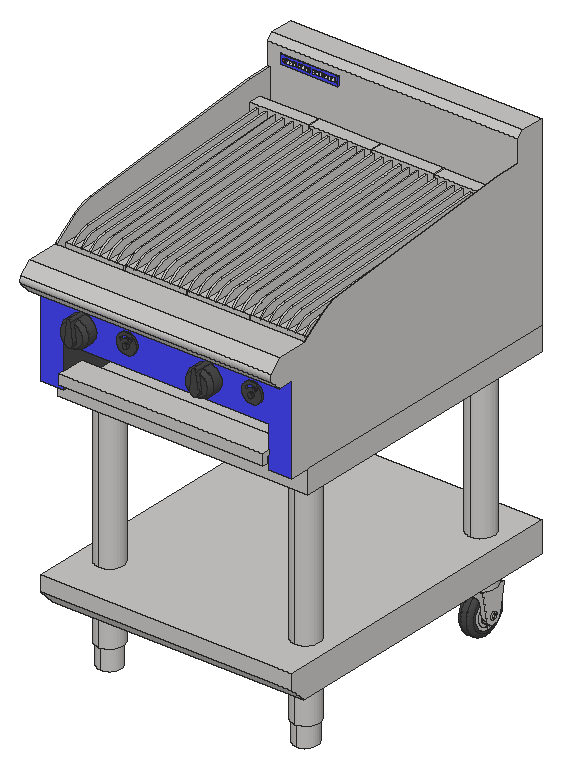
Revit family "QF_MOFFAT_BLUESEAL_CE_G594-LS", category Specialty Equipment, Revit 2012
Parameters
  Weight in Pounds = 281  # constant formula
  URL Cutsheet = "www.moffat.com"
  URL = "www.moffat.com"
  Type Mark [instance] = ""
  Status [instance] = ""
  Specification by User [instance] = ""
  Specification by Manufacturer = ""
  Show Logo [instance] = yes
  Show Casters [instance] = yes
  Serial Number = ""
  Seismic Rating = ""
  SMACNA No = ""
  Revision Code [instance] = ""
  Omniclass Number and Title = ""
  NAFEM Spec ID Number = ""
  Model = "G594-LS"
  Mechanical Remarks [instance] = ""
  Mechanical Connection Type [instance] = ""
  Masterspec = ""
  Manufacturer = "MOFFAT BLUESEAL"
  Legs [instance] = not(Show Casters)  # no
  Item Number [instance] = ""
  Installed By [instance] = ""
  Identify Quantity as Lot [instance] = yes
  Gas Size = 3/4"
  Gas RI Height [instance] = 0 mm
  Gas KW = 19.8
  Gas Input [instance] = 66800.0 Btu/h
  Gas Connection Height = 0 mm
  Furnished By [instance] = ""
  Foodservice Equipment Identifier [instance] = yes
  Description = "600MM GAS CHARGRILL ON LEG STAND"
  CSI MasterFormat = ""
  CSI Master Format = ""
  Body Finish = QF_Finishes_Stainless Steel
Reference planes
  plane 1 "BACK": y = 0
  plane 2: z = 0
  plane 3 "LEFT": x = 0
  plane 4 "RIGHT": x = 600
  plane 5 "FRONT": y = -812
  plane 6 "TOP": z = 972
  plane 7 "Center Y": x = 300
  plane 8 "Center X": y = -406
  plane 9: z = 970
  plane 10: z = 1085
  plane 11: y = -100
  plane 12: y = -625
Forms (mm)
  Extrusion 1, solid, material "QF_Finishes_Stainless Steel" <- "Body Finish"
    sketch origin (0, 0, 0) x (0, 1, 0) y (0, 0, 1)
      loop
        line (0, 222.5) -> (-749, 222.5) -> (-749, 186) -> (-713, 150) -> (0, 150) -> (0, 222.5)
      loop
        line (0, 640) -> (0, 1085) -> (-57.5, 1085) -> (-70, 1072.5) -> (-70, 875) -> (-705, 875) -> (-705, 915) -> (-783.97, 915) -> (-808.485, 890.485)
        arc (-808.485, 890.485) -> (-811.999, 882) -> (-808.485, 873.515) r 12
        line (-808.485, 873.515) -> (-784.97, 850) -> (-749, 850) -> (-749, 640) -> (0, 640)
      loop
        line (0, 585) -> (0, 639.206) -> (-699, 639.206) -> (-699, 585) -> (0, 585)
    from 0 to 600
  Revolve 2, solid, material "QF_Finishes_Stainless Steel" <- "Body Finish"
    sketch origin (535, -735, 0) x (0, 1, 0) y (0, 0, -1)
      loop
        line (78.25, -150) -> (110, -150) -> (110, 0) -> (82.5, 0) -> (82.5, -50) -> (78.25, -50) -> (78.25, -150)
      loop
        line (78.25, -222.5) -> (78.25, -585) -> (110, -585) -> (110, -222.5) -> (78.25, -222.5)
      axis (110, -585) -> (110, 0)
    angle from 0 to 360
  Revolve 3, solid, material "QF_Finishes_Stainless Steel" <- "Body Finish"
    sketch origin (535, -210, 0) x (0, 1, 0) y (0, 0, -1)
      loop
        line (78.25, -222.5) -> (78.25, -585) -> (110, -585) -> (110, -222.5) -> (78.25, -222.5)
      axis (110, -585) -> (110, -222.5)
    angle from 0 to 360
  Revolve 4, solid, material "QF_Finishes_Stainless Steel" <- "Body Finish"
    sketch origin (65, -735, 0) x (0, 1, 0) y (0, 0, 1)
      loop
        line (78.25, 150) -> (78.25, 50) -> (82.5, 50) -> (82.5, 0) -> (110, 0) -> (110, 150) -> (78.25, 150)
      loop
        line (78.25, 222.5) -> (110, 222.5) -> (110, 585) -> (78.25, 585) -> (78.25, 222.5)
      axis (110, 585) -> (110, 0)
    angle from 0 to 360
  Revolve 5, solid, material "QF_Finishes_Stainless Steel" <- "Body Finish"
    sketch origin (65, -210, 0) x (0, 1, 0) y (0, 0, 1)
      loop
        line (78.25, 222.5) -> (110, 222.5) -> (110, 585) -> (78.25, 585) -> (78.25, 222.5)
      axis (110, 585) -> (110, 222.5)
    angle from 0 to 360
  Extrusion 6, solid, material "QF_Finishes_Stainless Steel" <- "Body Finish"
    sketch origin (0, 0, 157.388) x (0, 1, 0) y (0, 0, 1)
      loop
        line (-70, 717) -> (-70, 860.112) -> (-127.045, 860.112) -> (-604.53, 814.135)
        arc (-604.53, 814.135) -> (-629.557, 808.415) -> (-652.303, 796.511) r 100
        line (-652.303, 796.511) -> (-705, 759.612) -> (-705, 717) -> (-70, 717)
    from 0 to 4.5
  Extrusion 7, solid, material "QF_Finishes_Stainless Steel" <- "Body Finish"
    sketch origin (600, 0, 157.388) x (0, 1, 0) y (0, 0, -1)
      loop
        line (-70, -717) -> (-705, -717) -> (-705, -759.612) -> (-652.303, -796.511)
        arc (-652.303, -796.511) -> (-629.557, -808.415) -> (-604.53, -814.135) r 100
        line (-604.53, -814.135) -> (-127.045, -860.112) -> (-70, -860.112) -> (-70, -717)
    from 0 to 3
  Revolve 8, solid, material "QF_Finishes_Black"
    sketch origin (108, 7, 155.8) x (0, 1, 0) y (0, 0, 1)
      loop
        line (-789, 671.5) -> (-800, 665.651) -> (-800, 639) -> (-756, 639) -> (-756, 644) -> (-766, 644) -> (-766, 671.5) -> (-789, 671.5)
      axis (-800, 639) -> (-756, 639)
    angle from 0 to 360
  Extrusion 9, solid, material "QF_Finishes_Black"
    sketch origin (-30.113, 7, 155.8) x (1, 0, 0) y (0, 0, 1)
      loop
        line (148.532, 628.195) -> (143.111, 671.113)
        arc (143.111, 671.113) -> (138.113, 676) -> (133.114, 671.113) r 5
        line (133.114, 671.113) -> (127.625, 627.028)
        arc (127.625, 627.028) -> (138.697, 616.529) -> (148.532, 628.195) r 10.487
    from 759 to 808
  Extrusion 10, solid, material "QF_Finishes_Stainless Steel"
    sketch origin (276, 0, 158) x (0, 1, 0) y (0, 0, 1)
      loop
        line (-132, 752.364) -> (-132, 804.849) -> (-637.852, 774.53)
        arc (-637.852, 774.53) -> (-663.098, 767.97) -> (-684, 752.364) r 67.81
        line (-684, 752.364) -> (-132, 752.364)
    from 0 to 4.5
  Extrusion 11, solid, material "QF_Finishes_Stainless Steel"
    sketch origin (255, 0, 158) x (0, 1, 0) y (0, 0, 1)
      loop
        line (-132, 752.364) -> (-132, 804.849) -> (-637.852, 774.53)
        arc (-637.852, 774.53) -> (-663.098, 767.97) -> (-684, 752.364) r 67.81
        line (-684, 752.364) -> (-132, 752.364)
    from 0 to 4.5
  Extrusion 12, solid, material "QF_Finishes_Stainless Steel"
    sketch origin (234, 0, 158) x (0, 1, 0) y (0, 0, 1)
      loop
        line (-132, 752.364) -> (-132, 804.849) -> (-637.852, 774.53)
        arc (-637.852, 774.53) -> (-663.098, 767.97) -> (-684, 752.364) r 67.81
        line (-684, 752.364) -> (-132, 752.364)
    from 0 to 4.5
  Extrusion 13, solid, material "QF_Finishes_Stainless Steel"
    sketch origin (213, 0, 158) x (0, 1, 0) y (0, 0, 1)
      loop
        line (-132, 752.364) -> (-132, 804.849) -> (-637.852, 774.53)
        arc (-637.852, 774.53) -> (-663.098, 767.97) -> (-684, 752.364) r 67.81
        line (-684, 752.364) -> (-132, 752.364)
    from 0 to 4.5
  Extrusion 14, solid, material "QF_Finishes_Stainless Steel"
    sketch origin (192, 0, 158) x (0, 1, 0) y (0, 0, 1)
      loop
        line (-132, 752.364) -> (-132, 804.849) -> (-637.852, 774.53)
        arc (-637.852, 774.53) -> (-663.098, 767.97) -> (-684, 752.364) r 67.81
        line (-684, 752.364) -> (-132, 752.364)
    from 0 to 4.5
  Extrusion 15, solid, material "QF_Finishes_Stainless Steel"
    sketch origin (171, 0, 158) x (0, 1, 0) y (0, 0, 1)
      loop
        line (-132, 752.364) -> (-132, 804.849) -> (-637.852, 774.53)
        arc (-637.852, 774.53) -> (-663.098, 767.97) -> (-684, 752.364) r 67.81
        line (-684, 752.364) -> (-132, 752.364)
    from 0 to 4.5
  Extrusion 16, solid, material "QF_Finishes_Stainless Steel"
    sketch origin (150, 0, 158) x (0, 1, 0) y (0, 0, 1)
      loop
        line (-132, 752.364) -> (-132, 804.849) -> (-637.852, 774.53)
        arc (-637.852, 774.53) -> (-663.098, 767.97) -> (-684, 752.364) r 67.81
        line (-684, 752.364) -> (-132, 752.364)
    from 0 to 4.5
  Extrusion 17, solid, material "QF_Finishes_Stainless Steel"
    sketch origin (126, 0, 158) x (0, 1, 0) y (0, 0, 1)
      loop
        line (-132, 752.364) -> (-132, 804.849) -> (-637.852, 774.53)
        arc (-637.852, 774.53) -> (-663.098, 767.97) -> (-684, 752.364) r 67.81
        line (-684, 752.364) -> (-132, 752.364)
    from 0 to 4.5
  Extrusion 18, solid, material "QF_Finishes_Stainless Steel"
    sketch origin (105, 0, 158) x (0, 1, 0) y (0, 0, 1)
      loop
        line (-132, 752.364) -> (-132, 804.849) -> (-637.852, 774.53)
        arc (-637.852, 774.53) -> (-663.098, 767.97) -> (-684, 752.364) r 67.81
        line (-684, 752.364) -> (-132, 752.364)
    from 0 to 4.5
  Extrusion 19, solid, material "QF_Finishes_Stainless Steel"
    sketch origin (84, 0, 158) x (0, 1, 0) y (0, 0, 1)
      loop
        line (-132, 752.364) -> (-132, 804.849) -> (-637.852, 774.53)
        arc (-637.852, 774.53) -> (-663.098, 767.97) -> (-684, 752.364) r 67.81
        line (-684, 752.364) -> (-132, 752.364)
    from 0 to 4.5
  Extrusion 20, solid, material "QF_Finishes_Stainless Steel"
    sketch origin (63, 0, 158) x (0, 1, 0) y (0, 0, 1)
      loop
        line (-132, 752.364) -> (-132, 804.849) -> (-637.852, 774.53)
        arc (-637.852, 774.53) -> (-663.098, 767.97) -> (-684, 752.364) r 67.81
        line (-684, 752.364) -> (-132, 752.364)
    from 0 to 4.5
  Extrusion 21, solid, material "QF_Finishes_Stainless Steel"
    sketch origin (42, 0, 158) x (0, 1, 0) y (0, 0, 1)
      loop
        line (-132, 752.364) -> (-132, 804.849) -> (-637.852, 774.53)
        arc (-637.852, 774.53) -> (-663.098, 767.97) -> (-684, 752.364) r 67.81
        line (-684, 752.364) -> (-132, 752.364)
    from 0 to 4.5
  Extrusion 22, solid, material "QF_Finishes_Stainless Steel"
    sketch origin (21, 0, 158) x (0, 1, 0) y (0, 0, 1)
      loop
        line (-132, 752.364) -> (-132, 804.849) -> (-637.852, 774.53)
        arc (-637.852, 774.53) -> (-663.098, 767.97) -> (-684, 752.364) r 67.81
        line (-684, 752.364) -> (-132, 752.364)
    from 0 to 4.5
  Extrusion 23, solid, material "QF_Finishes_Stainless Steel"
    sketch origin (426, 0, 158) x (0, 1, 0) y (0, 0, 1)
      loop
        line (-132, 752.364) -> (-132, 804.849) -> (-637.852, 774.53)
        arc (-637.852, 774.53) -> (-663.098, 767.97) -> (-684, 752.364) r 67.81
        line (-684, 752.364) -> (-132, 752.364)
    from 0 to 4.5
  Extrusion 24, solid, material "QF_Finishes_Stainless Steel"
    sketch origin (405, 0, 158) x (0, 1, 0) y (0, 0, 1)
      loop
        line (-132, 752.364) -> (-132, 804.849) -> (-637.852, 774.53)
        arc (-637.852, 774.53) -> (-663.098, 767.97) -> (-684, 752.364) r 67.81
        line (-684, 752.364) -> (-132, 752.364)
    from 0 to 4.5
  Extrusion 25, solid, material "QF_Finishes_Stainless Steel"
    sketch origin (384, 0, 158) x (0, 1, 0) y (0, 0, 1)
      loop
        line (-132, 752.364) -> (-132, 804.849) -> (-637.852, 774.53)
        arc (-637.852, 774.53) -> (-663.098, 767.97) -> (-684, 752.364) r 67.81
        line (-684, 752.364) -> (-132, 752.364)
    from 0 to 4.5
  Extrusion 26, solid, material "QF_Finishes_Stainless Steel"
    sketch origin (363, 0, 158) x (0, 1, 0) y (0, 0, 1)
      loop
        line (-132, 752.364) -> (-132, 804.849) -> (-637.852, 774.53)
        arc (-637.852, 774.53) -> (-663.098, 767.97) -> (-684, 752.364) r 67.81
        line (-684, 752.364) -> (-132, 752.364)
    from 0 to 4.5
  Extrusion 27, solid, material "QF_Finishes_Stainless Steel"
    sketch origin (342, 0, 158) x (0, 1, 0) y (0, 0, 1)
      loop
        line (-132, 752.364) -> (-132, 804.849) -> (-637.852, 774.53)
        arc (-637.852, 774.53) -> (-663.098, 767.97) -> (-684, 752.364) r 67.81
        line (-684, 752.364) -> (-132, 752.364)
    from 0 to 4.5
  Extrusion 28, solid, material "QF_Finishes_Stainless Steel"
    sketch origin (321, 0, 158) x (0, 1, 0) y (0, 0, 1)
      loop
        line (-132, 752.364) -> (-132, 804.849) -> (-637.852, 774.53)
        arc (-637.852, 774.53) -> (-663.098, 767.97) -> (-684, 752.364) r 67.81
        line (-684, 752.364) -> (-132, 752.364)
    from 0 to 4.5
  Extrusion 29, solid, material "QF_Finishes_Stainless Steel"
    sketch origin (300, 0, 158) x (0, 1, 0) y (0, 0, 1)
      loop
        line (-132, 752.364) -> (-132, 804.849) -> (-637.852, 774.53)
        arc (-637.852, 774.53) -> (-663.098, 767.97) -> (-684, 752.364) r 67.81
        line (-684, 752.364) -> (-132, 752.364)
    from 0 to 4.5
  Extrusion 30, solid, material "QF_Finishes_Stainless Steel"
    sketch origin (576, 0, 158) x (0, 1, 0) y (0, 0, 1)
      loop
        line (-132, 752.364) -> (-132, 804.849) -> (-637.852, 774.53)
        arc (-637.852, 774.53) -> (-663.098, 767.97) -> (-684, 752.364) r 67.81
        line (-684, 752.364) -> (-132, 752.364)
    from 0 to 4.5
  Extrusion 31, solid, material "QF_Finishes_Stainless Steel"
    sketch origin (555, 0, 158) x (0, 1, 0) y (0, 0, 1)
      loop
        line (-132, 752.364) -> (-132, 804.849) -> (-637.852, 774.53)
        arc (-637.852, 774.53) -> (-663.098, 767.97) -> (-684, 752.364) r 67.81
        line (-684, 752.364) -> (-132, 752.364)
    from 0 to 4.5
  Extrusion 32, solid, material "QF_Finishes_Stainless Steel"
    sketch origin (534, 0, 158) x (0, 1, 0) y (0, 0, 1)
      loop
        line (-132, 752.364) -> (-132, 804.849) -> (-637.852, 774.53)
        arc (-637.852, 774.53) -> (-663.098, 767.97) -> (-684, 752.364) r 67.81
        line (-684, 752.364) -> (-132, 752.364)
    from 0 to 4.5
  Extrusion 33, solid, material "QF_Finishes_Stainless Steel"
    sketch origin (513, 0, 158) x (0, 1, 0) y (0, 0, 1)
      loop
        line (-132, 752.364) -> (-132, 804.849) -> (-637.852, 774.53)
        arc (-637.852, 774.53) -> (-663.098, 767.97) -> (-684, 752.364) r 67.81
        line (-684, 752.364) -> (-132, 752.364)
    from 0 to 4.5
  Extrusion 34, solid, material "QF_Finishes_Stainless Steel"
    sketch origin (492, 0, 158) x (0, 1, 0) y (0, 0, 1)
      loop
        line (-132, 752.364) -> (-132, 804.849) -> (-637.852, 774.53)
        arc (-637.852, 774.53) -> (-663.098, 767.97) -> (-684, 752.364) r 67.81
        line (-684, 752.364) -> (-132, 752.364)
    from 0 to 4.5
  Extrusion 35, solid, material "QF_Finishes_Stainless Steel"
    sketch origin (471, 0, 158) x (0, 1, 0) y (0, 0, 1)
      loop
        line (-132, 752.364) -> (-132, 804.849) -> (-637.852, 774.53)
        arc (-637.852, 774.53) -> (-663.098, 767.97) -> (-684, 752.364) r 67.81
        line (-684, 752.364) -> (-132, 752.364)
    from 0 to 4.5
  Extrusion 36, solid, material "QF_Finishes_Stainless Steel"
    sketch origin (450, 0, 158) x (0, 1, 0) y (0, 0, 1)
      loop
        line (-132, 752.364) -> (-132, 804.849) -> (-637.852, 774.53)
        arc (-637.852, 774.53) -> (-663.098, 767.97) -> (-684, 752.364) r 67.81
        line (-684, 752.364) -> (-132, 752.364)
    from 0 to 4.5
  Extrusion 37, solid, material "QF_Finishes_Stainless Steel"
    sketch origin (0, 3, 0) x (1, 0, 0) y (0, 1, 0)
      loop
        circle (216, -34) r 13.5
    from 553 to 585
  Extrusion 38, solid, material "QF_Finishes_Stainless Steel"
    sketch origin (0, 0, 158) x (0, 1, 0) y (0, 0, 1)
      loop
        line (-132, 752.364) -> (-684, 752.364) -> (-684, 717) -> (-102, 717) -> (-102, 812) -> (-132, 812) -> (-132, 752.364)
    from 4.5 to 147
  Extrusion 39, solid, material "QF_Finishes_Stainless Steel"
    sketch origin (145.5, 0, 158) x (0, 1, 0) y (0, 0, 1)
      loop
        line (-132, 752.364) -> (-684, 752.364) -> (-684, 717) -> (-102, 717) -> (-102, 812) -> (-132, 812) -> (-132, 752.364)
    from 4.5 to 151.5
  Extrusion 40, solid, material "QF_Finishes_Stainless Steel"
    sketch origin (295.5, 0, 158) x (0, 1, 0) y (0, 0, 1)
      loop
        line (-132, 752.364) -> (-684, 752.364) -> (-684, 717) -> (-102, 717) -> (-102, 812) -> (-132, 812) -> (-132, 752.364)
    from 4.5 to 151.5
  Extrusion 41, solid, material "QF_Finishes_Stainless Steel"
    sketch origin (445.5, 0, 158) x (0, 1, 0) y (0, 0, 1)
      loop
        line (-132, 752.364) -> (-684, 752.364) -> (-684, 717) -> (-102, 717) -> (-102, 812) -> (-132, 812) -> (-132, 752.364)
    from 4.5 to 151.5
  Extrusion 42, solid, material "QF_Finishes_Black"
    sketch origin (0, -749, 850) x (0, 0, -1) y (1, 0, 0)
      loop
        circle (55.799, 208) r 23.9
      loop
        arc (48.44, 216.419) -> (49.3, 221.219) -> (44.5, 222.079) r 3.448
        arc (44.5, 222.079) -> (37.915, 207.341) -> (45.718, 193.209) r 18.095
        arc (45.718, 193.209) -> (50.44, 194.491) -> (49.125, 199.204) r 3.448
        arc (49.125, 199.204) -> (45.557, 207.683) -> (48.44, 216.419) r 13.109
      loop
        circle (55.799, 508) r 23.9
      loop
        arc (44.5, 522.079) -> (37.915, 507.341) -> (45.718, 493.209) r 18.095
        arc (45.718, 493.209) -> (50.44, 494.491) -> (49.125, 499.204) r 3.448
        arc (49.125, 499.204) -> (45.557, 507.683) -> (48.44, 516.419) r 13.109
        arc (48.44, 516.419) -> (49.3, 521.219) -> (44.5, 522.079) r 3.448
    from 0 to 4
  Extrusion 43, solid, material "QF_Finishes_Black"
    sketch origin (0, -753, 850) x (0, 0, -1) y (1, 0, 0)
      loop
        circle (59.299, 208) r 5.75
      loop
        circle (59.299, 508) r 5.75
    from 0 to 5
  Revolve 44, solid, material "QF_Finishes_Black"
    sketch origin (408, 7, 155.8) x (0, 1, 0) y (0, 0, 1)
      loop
        line (-789, 671.5) -> (-800, 665.651) -> (-800, 639) -> (-756, 639) -> (-756, 644) -> (-766, 644) -> (-766, 671.5) -> (-789, 671.5)
      axis (-800, 639) -> (-756, 639)
    angle from 0 to 360
  Extrusion 45, solid, material "QF_Finishes_Black"
    sketch origin (269.887, 7, 155.8) x (1, 0, 0) y (0, 0, 1)
      loop
        line (148.532, 628.195) -> (143.111, 671.113)
        arc (143.111, 671.113) -> (138.113, 676) -> (133.114, 671.113) r 5
        line (133.114, 671.113) -> (127.625, 627.028)
        arc (127.625, 627.028) -> (138.697, 616.529) -> (148.532, 628.195) r 10.487
    from 759 to 808
  Extrusion 46, void
    sketch origin (0, -749, 850) x (0, 0, 1) y (1, 0, 0)
      loop
        line (-210, 545) -> (-210, 55) -> (-110, 55) -> (-110, 545) -> (-210, 545)
    from 0 to 250
  Extrusion 47, solid, material "QF_Finishes_Stainless Steel"
    sketch origin (55, -749, 150) x (0, 0, 1) y (0, -1, 0)
      loop
        line (506.797, 15.924) -> (506.797, 5.924) -> (521.797, 5.924) -> (521.797, -31.346) -> (490, -31.346) -> (490, -50) -> (531.797, -50) -> (531.797, 15.924) -> (506.797, 15.924)
    from 0 to 490
  Revolve 48, solid, material "QF_Finishes_Stainless Steel", visible <- "Legs"
    sketch origin (65.5, -166, 0) x (0, 1, 0) y (0, 0, 1)
      loop
        line (34.25, 150) -> (34.25, 50) -> (38.5, 50) -> (38.5, 0) -> (66, 0) -> (66, 150) -> (34.25, 150)
      axis (66, 150) -> (66, 0)
    angle from 0 to 360
  Revolve 49, solid, material "QF_Finishes_Stainless Steel", visible <- "Legs"
    sketch origin (534.5, -166, 0) x (0, 1, 0) y (0, 0, -1)
      loop
        line (34.25, -150) -> (66, -150) -> (66, 0) -> (38.5, 0) -> (38.5, -50) -> (34.25, -50) -> (34.25, -150)
      axis (66, -150) -> (66, 0)
    angle from 0 to 360
  Revolve 50, solid, material "QF_Finishes_Stainless Steel", visible <- "Show Casters"
    sketch origin (16.276, -100.755, -13.653) x (1, 0, 0) y (0, 0, 1)
      loop
        line (14.841, 63.604) -> (83.584, 63.604) -> (83.584, 67.109) -> (82.314, 68.379) -> (80.79, 68.379) -> (80.79, 71.826) -> (68.644, 71.826) -> (68.644, 81.79) -> (65.088, 83.843) -> (63.738, 92.179) -> (65.881, 92.179) -> (65.881, 98.529) -> (65.088, 98.529) -> (65.088, 104.879)
        arc (65.088, 104.879) -> (62.298, 111.614) -> (55.563, 114.404) r 9.525
        line (55.563, 114.404) -> (42.863, 114.404)
        arc (42.863, 114.404) -> (36.127, 111.614) -> (33.338, 104.879) r 9.525
        line (33.338, 104.879) -> (33.338, 98.529) -> (32.544, 98.529) -> (32.544, 92.179) -> (34.687, 92.179) -> (33.352, 83.932) -> (29.782, 81.871) -> (29.782, 71.826) -> (17.635, 71.826) -> (17.635, 68.379) -> (16.111, 68.379) -> (14.841, 67.109) -> (14.841, 63.604)
      axis (14.841, 63.604) -> (83.584, 63.604)
    angle from 0 to 360
  Extrusion 51, solid, material "QF_Finishes_Stainless Steel", visible <- "Show Casters"
    sketch origin (72.001, 132.353, -8.783) x (0, 1, 0) y (0, 0, 1)
      loop
        line (-200.603, 118.783) -> (-264.103, 118.783) -> (-251.746, 53.895)
        arc (-251.746, 53.895) -> (-232.353, 38.783) -> (-212.959, 53.895) r 20
        line (-212.959, 53.895) -> (-200.603, 118.783)
    from -35.667 to 22.923
  Revolve 52, solid, material "QF_Finishes_Stainless Steel", visible <- "Show Casters"
    sketch origin (65.5, -204, 0) x (0, 1, 0) y (0, 0, 1)
      loop
        line (68.25, 150) -> (68.25, 110) -> (104, 110) -> (104, 150) -> (68.25, 150)
      axis (104, 150) -> (104, 110)
    angle from 0 to 360
  Revolve 53, solid, material "QF_Finishes_Stainless Steel", visible <- "Legs"
    sketch origin (65.5, -166, 0) x (0, 1, 0) y (0, 0, 1)
      loop
        line (34.25, 150) -> (34.25, 50) -> (38.5, 50) -> (38.5, 0) -> (66, 0) -> (66, 150) -> (34.25, 150)
      axis (66, 150) -> (66, 0)
    angle from 0 to 360
  Revolve 54, solid, material "QF_Finishes_Stainless Steel", visible <- "Show Casters"
    sketch origin (485.276, -100.755, -13.653) x (1, 0, 0) y (0, 0, 1)
      loop
        line (14.841, 63.604) -> (83.584, 63.604) -> (83.584, 67.109) -> (82.314, 68.379) -> (80.79, 68.379) -> (80.79, 71.826) -> (68.644, 71.826) -> (68.644, 81.79) -> (65.088, 83.843) -> (63.738, 92.179) -> (65.881, 92.179) -> (65.881, 98.529) -> (65.088, 98.529) -> (65.088, 104.879)
        arc (65.088, 104.879) -> (62.298, 111.614) -> (55.563, 114.404) r 9.525
        line (55.563, 114.404) -> (42.863, 114.404)
        arc (42.863, 114.404) -> (36.127, 111.614) -> (33.338, 104.879) r 9.525
        line (33.338, 104.879) -> (33.338, 98.529) -> (32.544, 98.529) -> (32.544, 92.179) -> (34.687, 92.179) -> (33.352, 83.932) -> (29.782, 81.871) -> (29.782, 71.826) -> (17.635, 71.826) -> (17.635, 68.379) -> (16.111, 68.379) -> (14.841, 67.109) -> (14.841, 63.604)
      axis (14.841, 63.604) -> (83.584, 63.604)
    angle from 0 to 360
  Extrusion 55, solid, material "QF_Finishes_Stainless Steel", visible <- "Show Casters"
    sketch origin (541.001, 132.353, -8.783) x (0, 1, 0) y (0, 0, 1)
      loop
        line (-200.603, 118.783) -> (-264.103, 118.783) -> (-251.746, 53.895)
        arc (-251.746, 53.895) -> (-232.353, 38.783) -> (-212.959, 53.895) r 20
        line (-212.959, 53.895) -> (-200.603, 118.783)
    from -35.667 to 22.923
  Revolve 56, solid, material "QF_Finishes_Stainless Steel", visible <- "Show Casters"
    sketch origin (534.5, -204, 0) x (0, 1, 0) y (0, 0, 1)
      loop
        line (68.25, 150) -> (68.25, 110) -> (104, 110) -> (104, 150) -> (68.25, 150)
      axis (104, 150) -> (104, 110)
    angle from 0 to 360
Cuts and joins
  joined: Revolve 8, Extrusion 9
  Extrusion 46 cuts Extrusion 1
  Extrusion 46 cuts Extrusion 6
  Extrusion 46 cuts Extrusion 7
  joined: Extrusion 1, Extrusion 6, Extrusion 7
Lines and regions (mm)
  Split face 1
    outline origin (600, 0, 1085) x (-1, 0, 0) y (0, -1, 0)
      loop
        arc (556, 18.185) -> (564.66, 23.185) -> (564.66, 33.185) r 10
        line (564.66, 33.185) -> (560.619, 40.185)
        arc (560.619, 40.185) -> (556.959, 43.845) -> (551.959, 45.185) r 10
        line (551.959, 45.185) -> (324, 45.185)
        arc (324, 45.185) -> (315.34, 40.185) -> (315.34, 30.185) r 10
        line (315.34, 30.185) -> (319.381, 23.185)
        arc (319.381, 23.185) -> (323.041, 19.525) -> (328.041, 18.185) r 10
        line (328.041, 18.185) -> (556, 18.185)
  Split face 2
    outline origin (600, 0, 1085) x (-1, 0, 0) y (0, -1, 0)
      loop
        arc (256, 18.185) -> (264.66, 23.185) -> (264.66, 33.185) r 10
        line (264.66, 33.185) -> (260.619, 40.185)
        arc (260.619, 40.185) -> (256.959, 43.845) -> (251.959, 45.185) r 10
        line (251.959, 45.185) -> (24, 45.185)
        arc (24, 45.185) -> (15.34, 40.185) -> (15.34, 30.185) r 10
        line (15.34, 30.185) -> (19.381, 23.185)
        arc (19.381, 23.185) -> (23.041, 19.525) -> (28.041, 18.185) r 10
        line (28.041, 18.185) -> (256, 18.185)
  symbolic lines, style "SpecialityEquipmentHiddenLines", visible <- "Show Casters"
    curve 1: line (78.456, -46.735, 0) -> (105.952, -62.61, 0)
    curve 2: line (27.656, -134.723, 0) -> (78.456, -46.735, 0)
    curve 3: line (55.152, -150.598, 0) -> (27.656, -134.723, 0)
    curve 4: line (105.952, -62.61, 0) -> (55.152, -150.598, 0)
    curve 5: line (548.456, -46.735, 0) -> (575.952, -62.61, 0)
    curve 6: line (497.656, -134.723, 0) -> (548.456, -46.735, 0)
    curve 7: line (525.152, -150.598, 0) -> (497.656, -134.723, 0)
    curve 8: line (575.952, -62.61, 0) -> (525.152, -150.598, 0)
  symbolic lines
    curve 9: line (571.959, -18.185, 0) -> (344, -18.185, 0)
    curve 10: arc (344, -18.185, 0) -> (335.34, -23.185, 0) -> (335.34, -33.185, 0) r 10
    curve 11: line (335.34, -33.185, 0) -> (339.381, -40.185, 0)
    curve 12: arc (339.381, -40.185, 0) -> (343.041, -43.845, 0) -> (348.041, -45.185, 0) r 10
    curve 13: line (348.041, -45.185, 0) -> (576, -45.185, 0)
    curve 14: arc (576, -45.185, 0) -> (584.66, -40.185, 0) -> (584.66, -30.185, 0) r 10
    curve 15: line (584.66, -30.185, 0) -> (580.619, -23.185, 0)
    curve 16: arc (580.619, -23.185, 0) -> (576.959, -19.525, 0) -> (571.959, -18.185, 0) r 10
    curve 17: line (44, -18.185, 0) -> (271.959, -18.185, 0)
    curve 18: arc (271.959, -18.185, 0) -> (276.959, -19.525, 0) -> (280.619, -23.185, 0) r 10
    curve 19: line (280.619, -23.185, 0) -> (284.66, -30.185, 0)
    curve 20: arc (284.66, -30.185, 0) -> (284.66, -40.185, 0) -> (276, -45.185, 0) r 10
    curve 21: line (276, -45.185, 0) -> (48.041, -45.185, 0)
    curve 22: arc (48.041, -45.185, 0) -> (43.041, -43.845, 0) -> (39.381, -40.185, 0) r 10
    curve 23: line (39.381, -40.185, 0) -> (35.34, -33.185, 0)
    curve 24: arc (35.34, -33.185, 0) -> (35.34, -23.185, 0) -> (44, -18.185, 0) r 10
    curve 25: line (0, 0, 0) -> (600, 0, 0)
    curve 26: line (0, -811.999, 0) -> (0, 0, 0)
    curve 27: line (600, -811.999, 0) -> (0, -811.999, 0)
    curve 28: line (600, 0, 0) -> (600, -811.999, 0)
    curve 29: line (0, -783.97, 0) -> (600, -783.97, 0)
    curve 30: line (597, -705, 0) -> (4.5, -705, 0)
    curve 31: line (0, -57.5, 0) -> (600, -57.5, 0)
    curve 32: line (0, -70, 0) -> (600, -70, 0)
    curve 33: line (150, -102, 0) -> (150, -684, 0)
    curve 34: line (297, -102, 0) -> (150, -102, 0)
    curve 35: line (297, -684, 0) -> (297, -102, 0)
    curve 36: line (147, -102, 0) -> (4.5, -102, 0)
    curve 37: line (147, -684, 0) -> (147, -102, 0)
    curve 38: line (4.5, -684, 0) -> (147, -684, 0)
    curve 39: line (150, -684, 0) -> (297, -684, 0)
    curve 40: line (300, -684, 0) -> (447, -684, 0)
    curve 41: line (450, -684, 0) -> (597, -684, 0)
    curve 42: line (447, -102, 0) -> (300, -102, 0)
    curve 43: line (597, -102, 0) -> (450, -102, 0)
    curve 44: line (450, -102, 0) -> (450, -684, 0)
    curve 45: line (447, -684, 0) -> (447, -102, 0)
    curve 46: line (300, -102, 0) -> (300, -684, 0)
    curve 47: line (597, -70, 0) -> (597, -705, 0)
    curve 48: line (4.5, -705, 0) -> (4.5, -70, 0)
    curve 49: line (4.5, -132, 0) -> (147, -132, 0)
    curve 50: line (150, -132, 0) -> (297, -132, 0)
    curve 51: line (300, -132, 0) -> (447, -132, 0)
    curve 52: line (450, -132, 0) -> (597, -132, 0)
    curve 53: line (21, -132, 0) -> (21, -684, 0)
    curve 54: line (42, -132, 0) -> (42, -684, 0)
    curve 55: line (63, -132, 0) -> (63, -684, 0)
    curve 56: line (84, -132, 0) -> (84, -684, 0)
    curve 57: line (105, -132, 0) -> (105, -684, 0)
    curve 58: line (126, -132, 0) -> (126, -684, 0)
    curve 59: line (171, -132, 0) -> (171, -684, 0)
    curve 60: line (192, -132, 0) -> (192, -684, 0)
    curve 61: line (213, -132, 0) -> (213, -684, 0)
    curve 62: line (234, -132, 0) -> (234, -684, 0)
    curve 63: line (255, -132, 0) -> (255, -684, 0)
    curve 64: line (276, -132, 0) -> (276, -684, 0)
    curve 65: line (321, -132, 0) -> (321, -684, 0)
    curve 66: line (342, -132, 0) -> (342, -684, 0)
    curve 67: line (363, -132, 0) -> (363, -684, 0)
    curve 68: line (384, -132, 0) -> (384, -684, 0)
    curve 69: line (405, -132, 0) -> (405, -684, 0)
    curve 70: line (426, -132, 0) -> (426, -684, 0)
    curve 71: line (471, -132, 0) -> (471, -684, 0)
    curve 72: line (492, -132, 0) -> (492, -684, 0)
    curve 73: line (513, -132, 0) -> (513, -684, 0)
    curve 74: line (534, -132, 0) -> (534, -684, 0)
    curve 75: line (555, -132, 0) -> (555, -684, 0)
    curve 76: line (576, -132, 0) -> (576, -684, 0)
Dimensions and locks
  equal spacing: plane 3 "LEFT", plane 7 "Center Y", plane 4 "RIGHT"
  plane 3 "LEFT" to plane 4 "RIGHT" = 600 mm
  equal spacing: plane 5 "FRONT", plane 8 "Center X", plane 1 "BACK"
  plane 5 "FRONT" to plane 1 "BACK" = 812 mm  (x2)
  equal spacing: plane 4 "RIGHT", plane 7 "Center Y", plane 3 "LEFT"
  plane 4 "RIGHT" to plane 3 "LEFT" = 600 mm
  Extrusion 37 to level = 553 mm
  cut or joined group of Extrusion 1, Extrusion 6, Extrusion 7, Extrusion 46 to level = 150 mm
  Extrusion 37 to plane 1 "BACK" = 31 mm
  plane 9 to level = 970 mm
  plane 10 to plane 2 = 1085 mm
  Extrusion 37 sketch curve to plane 1 "BACK" = 31 mm
  plane 2 to Extrusion 37 = 553 mm
  Revolve 50 sketch curve to Revolve 50 sketch curve = 50.8 mm
  Revolve 54 sketch curve to Revolve 54 sketch curve = 50.8 mm
  plane 3 "LEFT" to Extrusion 37 sketch curve = 216 mm
  aligned and locked: level to plane 2
Automatic sketch dimensions
  Extrusion 1 sketch curve to plane 10 = 0 mm
  Extrusion 1 sketch curve to plane 1 "BACK" = 0 mm  (x3)
  Extrusion 1 sketch curve to Extrusion 1 sketch curve = 57.5 mm
  plane 1 "BACK" to Extrusion 1 sketch curve = 70 mm
  Extrusion 1 sketch curve to plane 5 "FRONT" = 107 mm
  Extrusion 1 sketch curve to plane 5 "FRONT" = 113 mm
  Extrusion 1 sketch curve to Extrusion 1 sketch curve = 44 mm
  Extrusion 1 sketch curve to plane 5 "FRONT" = 28.03 mm
  Extrusion 1 sketch curve to plane 5 "FRONT" = 27.03 mm
  Extrusion 1 sketch curve to plane 5 "FRONT" = 12.001 mm
  Extrusion 1 sketch curve to plane 5 "FRONT" = 3.515 mm  (x2)
  Extrusion 1 sketch curve to plane 10 = 12.5 mm
  plane 9 to Extrusion 1 sketch curve = 55 mm
  Extrusion 1 sketch curve to Extrusion 1 sketch curve = 24.515 mm
  Extrusion 1 sketch curve to Extrusion 1 sketch curve = 8.485 mm
  Extrusion 1 sketch curve to Extrusion 1 sketch curve = 40 mm
  Extrusion 1 sketch curve to Extrusion 1 sketch curve = 23.515 mm
  Extrusion 1 sketch curve to Extrusion 1 sketch curve = 235 mm
  Extrusion 1 sketch curve to Extrusion 1 sketch curve = 0.794 mm
  Extrusion 1 sketch curve to Extrusion 1 sketch curve = 54.206 mm
  level to Extrusion 1 sketch curve = 222.5 mm
  Revolve 2 sketch curve to level = 0 mm
  Revolve 2 sketch curve to plane 5 "FRONT" = 155.25 mm
  Revolve 2 sketch curve to Revolve 2 sketch curve = 0 mm  (x3)
  Revolve 2 sketch curve to Revolve 2 sketch curve = 4.25 mm
  Revolve 2 sketch curve to Revolve 2 sketch curve = 31.75 mm  (x2)
  level to Revolve 2 sketch curve = 50 mm
  Revolve 2 sketch curve to Revolve 2 sketch curve = 100 mm
  Revolve 2 sketch curve to Revolve 2 sketch curve = 72.5 mm
  Revolve 2 sketch curve to Revolve 2 sketch curve = 362.5 mm
  Revolve 2 sketch curve to Revolve 2 sketch curve = 55 mm
  plane 1 "BACK" to Revolve 3 sketch curve = 131.75 mm
  Revolve 3 sketch curve to Revolve 3 sketch curve = 31.75 mm
  Revolve 3 sketch curve to Revolve 3 sketch curve = 362.5 mm
  Revolve 4 sketch curve to level = 0 mm
  Revolve 4 sketch curve to plane 5 "FRONT" = 155.25 mm
  Revolve 4 sketch curve to Revolve 4 sketch curve = 0 mm  (x3)
  Revolve 4 sketch curve to Revolve 4 sketch curve = 4.25 mm
  Revolve 4 sketch curve to Revolve 4 sketch curve = 31.75 mm  (x2)
  Revolve 4 sketch curve to Revolve 4 sketch curve = 55 mm
  level to Revolve 4 sketch curve = 50 mm
  Revolve 4 sketch curve to Revolve 4 sketch curve = 100 mm
  Revolve 4 sketch curve to Revolve 4 sketch curve = 72.5 mm
  Revolve 4 sketch curve to Revolve 4 sketch curve = 362.5 mm
  plane 1 "BACK" to Revolve 5 sketch curve = 131.75 mm
  Revolve 5 sketch curve to Revolve 5 sketch curve = 31.75 mm
  Revolve 5 sketch curve to Revolve 5 sketch curve = 362.5 mm
  Extrusion 6 sketch curve to plane 5 "FRONT" = 107 mm
  plane 9 to Extrusion 6 sketch curve = 16.101 mm
  Extrusion 6 sketch curve to Extrusion 6 sketch curve = 52.697 mm
  Extrusion 6 sketch curve to plane 6 "TOP" = 0.477 mm
  Extrusion 6 sketch curve to Extrusion 6 sketch curve = 47.773 mm
  plane 9 to Extrusion 6 sketch curve = 98.016 mm
  plane 6 "TOP" to Extrusion 6 sketch curve = 45.5 mm
  plane 1 "BACK" to Extrusion 6 sketch curve = 127.045 mm
  plane 1 "BACK" to Extrusion 6 sketch curve = 70 mm
  Extrusion 6 sketch curve to Extrusion 6 sketch curve = 79.511 mm
  Extrusion 6 sketch curve to Extrusion 6 sketch curve = 42.612 mm
  Extrusion 7 sketch curve to plane 5 "FRONT" = 107 mm
  plane 9 to Extrusion 7 sketch curve = 16.101 mm
  Extrusion 7 sketch curve to Extrusion 7 sketch curve = 52.697 mm
  Extrusion 7 sketch curve to plane 6 "TOP" = 0.477 mm
  Extrusion 7 sketch curve to Extrusion 7 sketch curve = 47.773 mm
  plane 9 to Extrusion 7 sketch curve = 98.016 mm
  plane 6 "TOP" to Extrusion 7 sketch curve = 45.5 mm
  plane 1 "BACK" to Extrusion 7 sketch curve = 127.045 mm
  Extrusion 7 sketch curve to Extrusion 7 sketch curve = 57.045 mm
  plane 9 to Extrusion 7 sketch curve = 53 mm
  plane 9 to Extrusion 7 sketch curve = 95.612 mm
  Revolve 8 sketch curve to plane 5 "FRONT" = 19 mm
  Revolve 8 sketch curve to Revolve 8 sketch curve = 0 mm  (x2)
  Revolve 8 sketch curve to Revolve 8 sketch curve = 11 mm
  Revolve 8 sketch curve to Revolve 8 sketch curve = 12.7 mm
  Revolve 8 sketch curve to Revolve 8 sketch curve = 23 mm
  Revolve 8 sketch curve to Revolve 8 sketch curve = 10 mm
  plane 9 to Revolve 8 sketch curve = 175.2 mm
  Revolve 8 sketch curve to Revolve 8 sketch curve = 5 mm
  Revolve 8 sketch curve to Revolve 8 sketch curve = 26.651 mm
  Revolve 8 sketch curve to Revolve 8 sketch curve = 5.849 mm
  plane 3 "LEFT" to Extrusion 9 sketch curve = 97.513 mm
  Extrusion 9 sketch curve to Extrusion 9 sketch curve = 5.489 mm
  Extrusion 9 sketch curve to Extrusion 9 sketch curve = 4.999 mm  (x2)
  Extrusion 9 sketch curve to Extrusion 9 sketch curve = 10.487 mm
  Extrusion 9 sketch curve to Extrusion 9 sketch curve = 10.419 mm
  plane 9 to Extrusion 9 sketch curve = 187.2 mm
  Extrusion 9 sketch curve to Extrusion 9 sketch curve = 0.028 mm
  Extrusion 9 sketch curve to Extrusion 9 sketch curve = 44 mm
  Extrusion 9 sketch curve to Extrusion 9 sketch curve = 0.113 mm
  plane 9 to Extrusion 10 sketch curve = 59.636 mm
  Extrusion 10 sketch curve to plane 5 "FRONT" = 128 mm
  plane 9 to Extrusion 10 sketch curve = 37.47 mm
  Extrusion 10 sketch curve to Extrusion 10 sketch curve = 46.148 mm
  Extrusion 10 sketch curve to Extrusion 10 sketch curve = 50.262 mm
  plane 1 "BACK" to Extrusion 10 sketch curve = 132 mm
  plane 9 to Extrusion 10 sketch curve = 7.151 mm
  plane 9 to Extrusion 11 sketch curve = 59.636 mm
  Extrusion 11 sketch curve to plane 5 "FRONT" = 128 mm
  plane 9 to Extrusion 11 sketch curve = 37.47 mm
  Extrusion 11 sketch curve to Extrusion 11 sketch curve = 46.148 mm
  Extrusion 11 sketch curve to Extrusion 11 sketch curve = 50.262 mm
  plane 1 "BACK" to Extrusion 11 sketch curve = 132 mm
  plane 9 to Extrusion 11 sketch curve = 7.151 mm
  plane 9 to Extrusion 12 sketch curve = 59.636 mm
  Extrusion 12 sketch curve to plane 5 "FRONT" = 128 mm
  plane 9 to Extrusion 12 sketch curve = 37.47 mm
  Extrusion 12 sketch curve to Extrusion 12 sketch curve = 46.148 mm
  Extrusion 12 sketch curve to Extrusion 12 sketch curve = 50.262 mm
  plane 1 "BACK" to Extrusion 12 sketch curve = 132 mm
  plane 9 to Extrusion 12 sketch curve = 7.151 mm
  plane 9 to Extrusion 13 sketch curve = 59.636 mm
  Extrusion 13 sketch curve to plane 5 "FRONT" = 128 mm
  plane 9 to Extrusion 13 sketch curve = 37.47 mm
  Extrusion 13 sketch curve to Extrusion 13 sketch curve = 46.148 mm
  Extrusion 13 sketch curve to Extrusion 13 sketch curve = 50.262 mm
  plane 1 "BACK" to Extrusion 13 sketch curve = 132 mm
  plane 9 to Extrusion 13 sketch curve = 7.151 mm
  plane 9 to Extrusion 14 sketch curve = 59.636 mm
  Extrusion 14 sketch curve to plane 5 "FRONT" = 128 mm
  plane 9 to Extrusion 14 sketch curve = 37.47 mm
  Extrusion 14 sketch curve to Extrusion 14 sketch curve = 46.148 mm
  Extrusion 14 sketch curve to Extrusion 14 sketch curve = 4.114 mm
  plane 1 "BACK" to Extrusion 14 sketch curve = 132 mm
  plane 9 to Extrusion 14 sketch curve = 7.151 mm
  plane 9 to Extrusion 15 sketch curve = 59.636 mm
  Extrusion 15 sketch curve to plane 5 "FRONT" = 128 mm
  plane 9 to Extrusion 15 sketch curve = 37.47 mm
  Extrusion 15 sketch curve to Extrusion 15 sketch curve = 46.148 mm
  Extrusion 15 sketch curve to Extrusion 15 sketch curve = 4.114 mm
  plane 1 "BACK" to Extrusion 15 sketch curve = 132 mm
  plane 9 to Extrusion 15 sketch curve = 7.151 mm
  plane 9 to Extrusion 16 sketch curve = 59.636 mm
  Extrusion 16 sketch curve to plane 5 "FRONT" = 128 mm
  plane 9 to Extrusion 16 sketch curve = 37.47 mm
  Extrusion 16 sketch curve to Extrusion 16 sketch curve = 46.148 mm
  Extrusion 16 sketch curve to Extrusion 16 sketch curve = 4.114 mm
  plane 1 "BACK" to Extrusion 16 sketch curve = 132 mm
  plane 9 to Extrusion 16 sketch curve = 7.151 mm
  plane 9 to Extrusion 17 sketch curve = 59.636 mm
  Extrusion 17 sketch curve to plane 5 "FRONT" = 128 mm
  plane 9 to Extrusion 17 sketch curve = 37.47 mm
  Extrusion 17 sketch curve to Extrusion 17 sketch curve = 46.148 mm
  Extrusion 17 sketch curve to Extrusion 17 sketch curve = 50.262 mm
  plane 1 "BACK" to Extrusion 17 sketch curve = 132 mm
  plane 9 to Extrusion 17 sketch curve = 7.151 mm
  plane 9 to Extrusion 18 sketch curve = 59.636 mm
  Extrusion 18 sketch curve to plane 5 "FRONT" = 128 mm
  plane 9 to Extrusion 18 sketch curve = 37.47 mm
  Extrusion 18 sketch curve to Extrusion 18 sketch curve = 46.148 mm
  Extrusion 18 sketch curve to Extrusion 18 sketch curve = 50.262 mm
  plane 1 "BACK" to Extrusion 18 sketch curve = 132 mm
  plane 9 to Extrusion 18 sketch curve = 7.151 mm
  plane 9 to Extrusion 19 sketch curve = 59.636 mm
  Extrusion 19 sketch curve to plane 5 "FRONT" = 128 mm
  plane 9 to Extrusion 19 sketch curve = 37.47 mm
  Extrusion 19 sketch curve to Extrusion 19 sketch curve = 46.148 mm
  Extrusion 19 sketch curve to Extrusion 19 sketch curve = 50.262 mm
  plane 1 "BACK" to Extrusion 19 sketch curve = 132 mm
  plane 9 to Extrusion 19 sketch curve = 7.151 mm
  plane 9 to Extrusion 20 sketch curve = 59.636 mm
  Extrusion 20 sketch curve to plane 5 "FRONT" = 128 mm
  plane 9 to Extrusion 20 sketch curve = 37.47 mm
  Extrusion 20 sketch curve to Extrusion 20 sketch curve = 46.148 mm
  Extrusion 20 sketch curve to Extrusion 20 sketch curve = 50.262 mm
  plane 1 "BACK" to Extrusion 20 sketch curve = 132 mm
  plane 9 to Extrusion 20 sketch curve = 7.151 mm
  plane 9 to Extrusion 21 sketch curve = 59.636 mm
  Extrusion 21 sketch curve to plane 5 "FRONT" = 128 mm
  plane 9 to Extrusion 21 sketch curve = 37.47 mm
  Extrusion 21 sketch curve to Extrusion 21 sketch curve = 46.148 mm
  Extrusion 21 sketch curve to Extrusion 21 sketch curve = 50.262 mm
  plane 1 "BACK" to Extrusion 21 sketch curve = 132 mm
  plane 9 to Extrusion 21 sketch curve = 7.151 mm
  plane 9 to Extrusion 22 sketch curve = 59.636 mm
  Extrusion 22 sketch curve to plane 5 "FRONT" = 128 mm
  plane 9 to Extrusion 22 sketch curve = 37.47 mm
  Extrusion 22 sketch curve to Extrusion 22 sketch curve = 46.148 mm
  Extrusion 22 sketch curve to Extrusion 22 sketch curve = 50.262 mm
  plane 1 "BACK" to Extrusion 22 sketch curve = 132 mm
  plane 9 to Extrusion 22 sketch curve = 7.151 mm
  plane 9 to Extrusion 23 sketch curve = 59.636 mm
  Extrusion 23 sketch curve to plane 5 "FRONT" = 128 mm
  plane 9 to Extrusion 23 sketch curve = 37.47 mm
  Extrusion 23 sketch curve to Extrusion 23 sketch curve = 46.148 mm
  Extrusion 23 sketch curve to Extrusion 23 sketch curve = 50.262 mm
  plane 1 "BACK" to Extrusion 23 sketch curve = 132 mm
  plane 9 to Extrusion 23 sketch curve = 7.151 mm
  plane 9 to Extrusion 24 sketch curve = 59.636 mm
  Extrusion 24 sketch curve to plane 5 "FRONT" = 128 mm
  plane 9 to Extrusion 24 sketch curve = 37.47 mm
  Extrusion 24 sketch curve to Extrusion 24 sketch curve = 46.148 mm
  Extrusion 24 sketch curve to Extrusion 24 sketch curve = 50.262 mm
  plane 1 "BACK" to Extrusion 24 sketch curve = 132 mm
  plane 9 to Extrusion 24 sketch curve = 7.151 mm
  plane 9 to Extrusion 25 sketch curve = 59.636 mm
  Extrusion 25 sketch curve to plane 5 "FRONT" = 128 mm
  plane 9 to Extrusion 25 sketch curve = 37.47 mm
  Extrusion 25 sketch curve to Extrusion 25 sketch curve = 46.148 mm
  Extrusion 25 sketch curve to Extrusion 25 sketch curve = 50.262 mm
  plane 1 "BACK" to Extrusion 25 sketch curve = 132 mm
  plane 9 to Extrusion 25 sketch curve = 7.151 mm
  plane 9 to Extrusion 26 sketch curve = 59.636 mm
  Extrusion 26 sketch curve to plane 5 "FRONT" = 128 mm
  plane 9 to Extrusion 26 sketch curve = 37.47 mm
  Extrusion 26 sketch curve to Extrusion 26 sketch curve = 46.148 mm
  Extrusion 26 sketch curve to Extrusion 26 sketch curve = 4.114 mm
  plane 1 "BACK" to Extrusion 26 sketch curve = 132 mm
  plane 9 to Extrusion 26 sketch curve = 7.151 mm
  plane 9 to Extrusion 27 sketch curve = 59.636 mm
  Extrusion 27 sketch curve to plane 5 "FRONT" = 128 mm
  plane 9 to Extrusion 27 sketch curve = 37.47 mm
  Extrusion 27 sketch curve to Extrusion 27 sketch curve = 46.148 mm
  Extrusion 27 sketch curve to Extrusion 27 sketch curve = 50.262 mm
  plane 1 "BACK" to Extrusion 27 sketch curve = 132 mm
  plane 9 to Extrusion 27 sketch curve = 7.151 mm
  plane 9 to Extrusion 28 sketch curve = 59.636 mm
  Extrusion 28 sketch curve to plane 5 "FRONT" = 128 mm
  plane 9 to Extrusion 28 sketch curve = 37.47 mm
  Extrusion 28 sketch curve to Extrusion 28 sketch curve = 46.148 mm
  Extrusion 28 sketch curve to Extrusion 28 sketch curve = 4.114 mm
  plane 1 "BACK" to Extrusion 28 sketch curve = 132 mm
  plane 9 to Extrusion 28 sketch curve = 7.151 mm
  plane 9 to Extrusion 29 sketch curve = 59.636 mm
  Extrusion 29 sketch curve to plane 5 "FRONT" = 128 mm
  plane 9 to Extrusion 29 sketch curve = 37.47 mm
  Extrusion 29 sketch curve to Extrusion 29 sketch curve = 46.148 mm
  Extrusion 29 sketch curve to Extrusion 29 sketch curve = 50.262 mm
  plane 1 "BACK" to Extrusion 29 sketch curve = 132 mm
  plane 9 to Extrusion 29 sketch curve = 7.151 mm
  plane 9 to Extrusion 30 sketch curve = 59.636 mm
  Extrusion 30 sketch curve to plane 5 "FRONT" = 128 mm
  Extrusion 30 sketch curve to Extrusion 30 sketch curve = 46.148 mm
  Extrusion 30 sketch curve to Extrusion 30 sketch curve = 4.114 mm
  plane 1 "BACK" to Extrusion 30 sketch curve = 132 mm
  Extrusion 30 sketch curve to Extrusion 30 sketch curve = 45.518 mm
  plane 9 to Extrusion 30 sketch curve = 7.151 mm
  plane 9 to Extrusion 31 sketch curve = 59.636 mm
  Extrusion 31 sketch curve to plane 5 "FRONT" = 128 mm
  plane 9 to Extrusion 31 sketch curve = 37.47 mm
  Extrusion 31 sketch curve to Extrusion 31 sketch curve = 46.148 mm
  Extrusion 31 sketch curve to Extrusion 31 sketch curve = 50.262 mm
  plane 1 "BACK" to Extrusion 31 sketch curve = 132 mm
  plane 9 to Extrusion 31 sketch curve = 7.151 mm
  plane 9 to Extrusion 32 sketch curve = 59.636 mm
  Extrusion 32 sketch curve to plane 5 "FRONT" = 128 mm
  plane 9 to Extrusion 32 sketch curve = 37.47 mm
  Extrusion 32 sketch curve to Extrusion 32 sketch curve = 46.148 mm
  Extrusion 32 sketch curve to Extrusion 32 sketch curve = 50.262 mm
  plane 1 "BACK" to Extrusion 32 sketch curve = 132 mm
  plane 9 to Extrusion 32 sketch curve = 7.151 mm
  plane 9 to Extrusion 33 sketch curve = 59.636 mm
  Extrusion 33 sketch curve to plane 5 "FRONT" = 128 mm
  plane 9 to Extrusion 33 sketch curve = 37.47 mm
  Extrusion 33 sketch curve to Extrusion 33 sketch curve = 46.148 mm
  Extrusion 33 sketch curve to Extrusion 33 sketch curve = 50.262 mm
  plane 1 "BACK" to Extrusion 33 sketch curve = 132 mm
  plane 9 to Extrusion 33 sketch curve = 7.151 mm
  plane 9 to Extrusion 34 sketch curve = 59.636 mm
  Extrusion 34 sketch curve to plane 5 "FRONT" = 128 mm
  plane 9 to Extrusion 34 sketch curve = 37.47 mm
  Extrusion 34 sketch curve to Extrusion 34 sketch curve = 46.148 mm
  Extrusion 34 sketch curve to Extrusion 34 sketch curve = 50.262 mm
  plane 1 "BACK" to Extrusion 34 sketch curve = 132 mm
  plane 9 to Extrusion 34 sketch curve = 7.151 mm
  plane 9 to Extrusion 35 sketch curve = 59.636 mm
  Extrusion 35 sketch curve to plane 5 "FRONT" = 128 mm
  plane 9 to Extrusion 35 sketch curve = 37.47 mm
  Extrusion 35 sketch curve to Extrusion 35 sketch curve = 46.148 mm
  Extrusion 35 sketch curve to Extrusion 35 sketch curve = 50.262 mm
  plane 1 "BACK" to Extrusion 35 sketch curve = 132 mm
  plane 9 to Extrusion 35 sketch curve = 7.151 mm
  plane 9 to Extrusion 36 sketch curve = 59.636 mm
  Extrusion 36 sketch curve to plane 5 "FRONT" = 128 mm
  plane 9 to Extrusion 36 sketch curve = 37.47 mm
  Extrusion 36 sketch curve to Extrusion 36 sketch curve = 46.148 mm
  Extrusion 36 sketch curve to Extrusion 36 sketch curve = 50.262 mm
  plane 1 "BACK" to Extrusion 36 sketch curve = 132 mm
  plane 9 to Extrusion 36 sketch curve = 7.151 mm
  plane 9 to Extrusion 38 sketch curve = 0 mm
  plane 9 to Extrusion 38 sketch curve = 59.636 mm
  Extrusion 38 sketch curve to plane 5 "FRONT" = 128 mm
  plane 1 "BACK" to Extrusion 38 sketch curve = 132 mm
  Extrusion 38 sketch curve to Extrusion 38 sketch curve = 30 mm
  Extrusion 38 sketch curve to Extrusion 38 sketch curve = 35.364 mm
  plane 9 to Extrusion 39 sketch curve = 0 mm
  plane 9 to Extrusion 39 sketch curve = 59.636 mm
  Extrusion 39 sketch curve to plane 5 "FRONT" = 128 mm
  plane 1 "BACK" to Extrusion 39 sketch curve = 132 mm
  Extrusion 39 sketch curve to Extrusion 39 sketch curve = 30 mm
  Extrusion 39 sketch curve to Extrusion 39 sketch curve = 35.364 mm
  plane 9 to Extrusion 40 sketch curve = 0 mm
  plane 9 to Extrusion 40 sketch curve = 59.636 mm
  Extrusion 40 sketch curve to plane 5 "FRONT" = 128 mm
  plane 1 "BACK" to Extrusion 40 sketch curve = 132 mm
  Extrusion 40 sketch curve to Extrusion 40 sketch curve = 30 mm
  Extrusion 40 sketch curve to Extrusion 40 sketch curve = 35.364 mm
  plane 9 to Extrusion 41 sketch curve = 0 mm
  plane 9 to Extrusion 41 sketch curve = 59.636 mm
  Extrusion 41 sketch curve to plane 5 "FRONT" = 128 mm
  plane 1 "BACK" to Extrusion 41 sketch curve = 132 mm
  Extrusion 41 sketch curve to Extrusion 41 sketch curve = 30 mm
  Extrusion 41 sketch curve to Extrusion 41 sketch curve = 35.364 mm
  Extrusion 1 to Extrusion 42 sketch curve = 44.5 mm  (x2)
  Extrusion 42 sketch curve to Extrusion 42 sketch curve = 1.218 mm  (x2)
  Extrusion 42 sketch curve to Extrusion 42 sketch curve = 1.97 mm  (x4)
  Extrusion 42 sketch curve to Extrusion 42 sketch curve = 1.724 mm  (x2)
  Extrusion 42 sketch curve to Extrusion 42 sketch curve = 1.683 mm  (x2)
  Extrusion 42 sketch curve to Extrusion 42 sketch curve = 6.674 mm  (x2)
  Extrusion 42 sketch curve to Extrusion 42 sketch curve = 0.195 mm  (x2)
  Extrusion 42 sketch curve to Extrusion 42 sketch curve = 2.662 mm  (x2)
  Extrusion 1 to Extrusion 42 sketch curve = 193.209 mm
  Extrusion 42 sketch curve to Extrusion 42 sketch curve = 2.986 mm  (x2)
  Extrusion 42 sketch curve to Extrusion 42 sketch curve = 8.796 mm  (x2)
  Extrusion 42 sketch curve to Extrusion 42 sketch curve = 0.103 mm  (x2)
  Extrusion 42 sketch curve to Extrusion 42 sketch curve = 0.102 mm  (x2)
  Extrusion 1 to Extrusion 42 sketch curve = 106.791 mm
  Extrusion 43 sketch curve to Extrusion 43 sketch curve = 0 mm
  Extrusion 43 sketch curve to Extrusion 43 sketch curve = 300 mm
  Revolve 44 sketch curve to plane 5 "FRONT" = 19 mm
  Revolve 44 sketch curve to Revolve 44 sketch curve = 0 mm  (x2)
  Revolve 44 sketch curve to Revolve 44 sketch curve = 11 mm
  Revolve 44 sketch curve to Revolve 44 sketch curve = 12.7 mm
  Revolve 44 sketch curve to Revolve 44 sketch curve = 23 mm
  Revolve 44 sketch curve to Revolve 44 sketch curve = 10 mm
  plane 9 to Revolve 44 sketch curve = 175.2 mm
  Revolve 44 sketch curve to Revolve 44 sketch curve = 5 mm
  Revolve 44 sketch curve to Revolve 44 sketch curve = 26.651 mm
  Revolve 44 sketch curve to Revolve 44 sketch curve = 5.849 mm
  plane 7 "Center Y" to Extrusion 45 sketch curve = 97.513 mm
  Extrusion 45 sketch curve to Extrusion 45 sketch curve = 5.489 mm
  Extrusion 45 sketch curve to Extrusion 45 sketch curve = 4.999 mm  (x2)
  Extrusion 45 sketch curve to Extrusion 45 sketch curve = 10.487 mm
  Extrusion 45 sketch curve to Extrusion 45 sketch curve = 10.419 mm
  plane 9 to Extrusion 45 sketch curve = 187.2 mm
  Extrusion 45 sketch curve to Extrusion 45 sketch curve = 0.028 mm
  Extrusion 45 sketch curve to Extrusion 45 sketch curve = 44 mm
  Extrusion 45 sketch curve to Extrusion 45 sketch curve = 0.113 mm
  Extrusion 46 sketch curve to Extrusion 1 = 100 mm
  Extrusion 1 to Extrusion 46 sketch curve = 0 mm
  Extrusion 46 sketch curve to Extrusion 1 = 55 mm  (x2)
  plane 1 "BACK" to Revolve 5 sketch curve = 100 mm
  Revolve 5 sketch curve to level = 55 mm
  level to Revolve 5 sketch curve = 50 mm
  Revolve 5 sketch curve to Revolve 5 sketch curve = 172.5 mm
  plane 1 "BACK" to Revolve 3 sketch curve = 100 mm
  plane 9 to Revolve 3 sketch curve = 385 mm
  level to Revolve 3 sketch curve = 50 mm
  Revolve 3 sketch curve to level = 55 mm
  Extrusion 1 sketch curve to plane 5 "FRONT" = 63 mm
  Extrusion 1 sketch curve to Extrusion 1 sketch curve = 36 mm
  Extrusion 1 sketch curve to Extrusion 1 sketch curve = 72.5 mm
  Extrusion 1 sketch curve to Extrusion 1 sketch curve = 36.5 mm
  Split face 1 sketch curve to cut or joined group of Extrusion 1, Extrusion 6, Extrusion 7, Extrusion 46 = 27.315 mm
  Split face 1 sketch curve to cut or joined group of Extrusion 1, Extrusion 6, Extrusion 7, Extrusion 46 = 284.66 mm
  Split face 1 sketch curve to Split face 1 sketch curve = 4.041 mm  (x4)
  Split face 1 sketch curve to Split face 1 sketch curve = 8.66 mm  (x2)
  Split face 1 sketch curve to cut or joined group of Extrusion 1, Extrusion 6, Extrusion 7, Extrusion 46 = 12.315 mm
  Split face 1 sketch curve to cut or joined group of Extrusion 1, Extrusion 6, Extrusion 7, Extrusion 46 = 48.041 mm
  Split face 1 sketch curve to Split face 1 sketch curve = 7 mm  (x3)
  Split face 1 sketch curve to Split face 1 sketch curve = 17 mm
  Split face 2 sketch curve to cut or joined group of Extrusion 1, Extrusion 6, Extrusion 7, Extrusion 46 = 15.34 mm
  Split face 2 sketch curve to Split face 2 sketch curve = 4.041 mm  (x4)
  Split face 2 sketch curve to Split face 2 sketch curve = 8.66 mm  (x2)
  Split face 2 sketch curve to cut or joined group of Extrusion 1, Extrusion 6, Extrusion 7, Extrusion 46 = 12.315 mm
  Split face 2 sketch curve to Split face 2 sketch curve = 223.917 mm
  Split face 2 sketch curve to Split face 2 sketch curve = 5 mm
  Split face 2 sketch curve to Split face 2 sketch curve = 10 mm
  Split face 2 sketch curve to Split face 2 sketch curve = 7 mm  (x3)
  Extrusion 47 sketch curve to Extrusion 46 = 15.924 mm
  Extrusion 47 sketch curve to Extrusion 46 = 16.797 mm
  Extrusion 47 sketch curve to Extrusion 46 = 31.797 mm
  Extrusion 47 sketch curve to Extrusion 47 sketch curve = 10 mm
  Extrusion 47 sketch curve to Extrusion 46 = 5.924 mm
  Extrusion 46 to Extrusion 47 sketch curve = 31.346 mm
  Extrusion 47 sketch curve to Extrusion 47 sketch curve = 18.654 mm
  Extrusion 46 to Extrusion 47 sketch curve = 0 mm
  Revolve 48 sketch curve to level = 0 mm
  Revolve 48 sketch curve to plane 11 = 0 mm  (x2)
  plane 11 to Revolve 48 sketch curve = 27.5 mm
  plane 11 to Revolve 48 sketch curve = 31.75 mm
  Revolve 48 sketch curve to Revolve 48 sketch curve = 55 mm
  level to Revolve 48 sketch curve = 50 mm
  Revolve 48 sketch curve to Revolve 48 sketch curve = 0 mm
  Revolve 48 sketch curve to Revolve 48 sketch curve = 100 mm
  Revolve 49 sketch curve to level = 0 mm
  Revolve 49 sketch curve to plane 11 = 0 mm  (x2)
  plane 11 to Revolve 49 sketch curve = 27.5 mm
  plane 11 to Revolve 49 sketch curve = 31.75 mm
  level to Revolve 49 sketch curve = 50 mm
  Revolve 49 sketch curve to Revolve 49 sketch curve = 0 mm
  Revolve 49 sketch curve to Revolve 49 sketch curve = 100 mm
  Revolve 49 sketch curve to Revolve 49 sketch curve = 55 mm
  plane 3 "LEFT" to Revolve 50 sketch curve = 31.118 mm
  Revolve 50 sketch curve to Revolve 50 sketch curve = 1.27 mm  (x4)
  Revolve 50 sketch curve to Revolve 50 sketch curve = 1.524 mm  (x2)
  Revolve 50 sketch curve to Revolve 50 sketch curve = 12.146 mm  (x2)
  Revolve 50 sketch curve to Revolve 50 sketch curve = 2.762 mm
  Revolve 50 sketch curve to Revolve 50 sketch curve = 0.794 mm  (x2)
  Revolve 50 sketch curve to Revolve 50 sketch curve = 3.57 mm
  Revolve 50 sketch curve to Revolve 50 sketch curve = 2.143 mm
  Revolve 50 sketch curve to Revolve 50 sketch curve = 9.525 mm
  Revolve 50 sketch curve to Revolve 50 sketch curve = 24.572 mm
  Revolve 50 sketch curve to Revolve 50 sketch curve = 12.7 mm
  Revolve 50 sketch curve to Revolve 50 sketch curve = 8.176 mm
  Revolve 50 sketch curve to Revolve 50 sketch curve = 1.349 mm  (x2)
  Revolve 50 sketch curve to Revolve 50 sketch curve = 3.556 mm
  Revolve 50 sketch curve to Revolve 50 sketch curve = 33.32 mm
  level to Revolve 50 sketch curve = 49.952 mm
  Revolve 50 sketch curve to Revolve 50 sketch curve = 0 mm
  Revolve 50 sketch curve to Revolve 50 sketch curve = 3.505 mm  (x2)
  Revolve 50 sketch curve to Revolve 50 sketch curve = 3.447 mm  (x2)
  Revolve 50 sketch curve to Revolve 50 sketch curve = 9.964 mm
  Revolve 50 sketch curve to Revolve 50 sketch curve = 10.045 mm
  Revolve 50 sketch curve to Revolve 50 sketch curve = 2.053 mm
  Revolve 50 sketch curve to Revolve 50 sketch curve = 2.061 mm
  Revolve 50 sketch curve to Revolve 50 sketch curve = 8.247 mm
  Revolve 50 sketch curve to Revolve 50 sketch curve = 8.336 mm
  Revolve 50 sketch curve to Revolve 50 sketch curve = 6.35 mm  (x2)
  Extrusion 51 sketch curve to plane 11 = 0 mm
  plane 11 to Extrusion 51 sketch curve = 19.393 mm
  plane 11 to Extrusion 51 sketch curve = 31.75 mm
  Extrusion 51 sketch curve to plane 11 = 19.393 mm
  Extrusion 51 sketch curve to plane 11 = 31.75 mm
  level to Extrusion 51 sketch curve = 45.111 mm
  Extrusion 51 sketch curve to Extrusion 51 sketch curve = 4.889 mm
  Extrusion 51 sketch curve to Extrusion 51 sketch curve = 64.889 mm
  Revolve 52 sketch curve to plane 11 = 0 mm  (x2)
  plane 11 to Revolve 52 sketch curve = 35.75 mm
  Revolve 52 sketch curve to level = 55 mm
  level to Revolve 52 sketch curve = 50 mm
  Revolve 52 sketch curve to Revolve 52 sketch curve = 60 mm
  Revolve 52 sketch curve to Revolve 52 sketch curve = 40 mm
